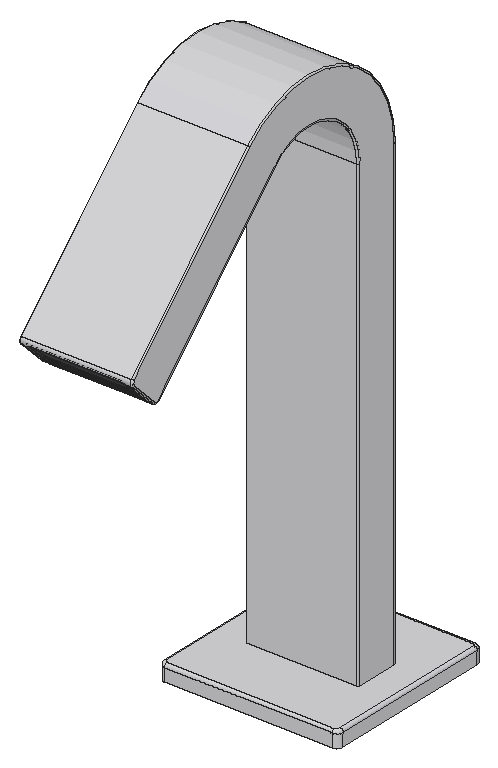
Revit family "Faucet_Touchless-Lavatory-KOHLER-Loure-K-98454T_1", category Plumbing Fixtures, host Face, Revit 2021
Family settings
  Host = Face
  Round Connector Dimension = Use Diameter
  Part Type = Normal
  OmniClass Number = 23.31.11.00
  OmniClass Title = Faucets
  Cut with Voids When Loaded = No
  Shared = No
  Room Calculation Point = No
Parameters (values of type "CP-Polished Chrome")
  Width = 2 113/256"  # constant formula
  WaterSense Certified = 1 = 0  # no
  Waste Water Outlet = "Waste Water Outlet"  # constant formula
  Waste Connection = 1 = 0  # no
  Voltage = 220 V  # constant formula
  Vent Connection = 1 = 0  # no
  URL = "http://www.kohler.com.cn/"
  Type = 3
  Spout Reach = 3 125/128"  # constant formula
  Product Page URL = ""
  Product Name = "Loure"  # constant formula
  Product Documentation Link = ""
  Pressure = 0.00 psi
  Model = if(Type = 1, "K-98454T-B-CP", if(Type = 2, "K-98454T-NW-CP", if(Type = 3, "K-98454T-CP", "NA")))  # "K-98454T-CP"
  Material = "Premium Metal Construction"  # constant formula
  Master Format 2014 Name = "Residential Faucets, Supplies, and Trim"  # constant formula
  Master Format 2014 = "22 41 39"  # constant formula
  Manufacturer Address = "Kohler Beijing Office (100016)36-2-03-B, No. 88, Liuxiang Road, Beijing"  # constant formula
  Manufacturer = "Kohler Co."  # constant formula
  Length = Spout Reach  # 3 125/128"
  Hot Water Inlet = "Hot Water Inlet"  # constant formula
  Height = 8 13/256"  # constant formula
  HW Connection = 1 = 0  # no
  Flow Rate = 0.5 GPM  # constant formula
  Finish = Kohler-Metal-CP-Polished_Chrome
  Environmental Product Declaration = ""
  Electrical Note = "One Dedicated Circuit Required"  # constant formula
  Electrical Connector = 1 = 1  # yes
  Drain Included = 1 = 1  # yes
  Description = if(or(Type = 1), "Basin Induction Faucet AC (Single Cooling Type)", if(or(Type = 2), "Deck Mount Sensor Faucet Cold 0.5 GPM", if(or(Type = 3), "Deck Mount Sensor Faucet -AC", "NA")))  # "Deck Mount Sensor Faucet -AC"
  Default Elevation = 36"
  Declare Label = ""
  Date Modified = "12/13/2022"  # constant formula
  Date Created = "11/26/2020"  # constant formula
  Copyright = "Copyright Kohler Co."  # constant formula
  Contact Us = "http://www.kohler.com.cn/contact/contact-us/"
  Cold Water Inlet = "Cold Water Inlet"  # constant formula
  CW Connection = 1 = 1  # yes
  Assembly Code = "D2010"
  Apparent Load = 0 VA
  ADA Compliant = 1 = 0  # no
Types (4): name | Type | Product Page URL | Product Documentation Link | Model | Description
  (no name) | 3 | "" | "" | "K-98454T-CP" | "Deck Mount Sensor Faucet -AC"
  With Power Box, CP-Polished Chrome | 1 | "https://www.kohler.com.cn/product/K-98454T/K-98454T-B-CP/" | "https://files.kohler.com.cn/pdfs/1623832202986_%E8%90%9D%E7%91%9E%E5%8F%B0%E7%9B%86%E6%84%9F%E5%BA%94%E9%BE%99%E5%A4%B4.pdf" | "K-98454T-B-CP" | "Basin Induction Faucet AC (Single Cooling Type)"
  Without Power Box, CP-Polished Chrome | 2 | "" | "" | "K-98454T-NW-CP" | "Deck Mount Sensor Faucet Cold 0.5 GPM"
  CP-Polished Chrome | 3 | "" | "" | "K-98454T-CP" | "Deck Mount Sensor Faucet -AC"
Reference planes (in)
  plane 1 "Center (Front/Back)": y = 0
  plane 2: z = 0
  plane 3 "Center (Left/Right)": x = 0
  plane 4: z = 5.37402
  plane 5: y = -3.97656
  plane 6: through (0, -4.19918, 5.1514) normal (0, 0.7071, -0.7071)
  plane 7: z = 8.05078
  plane 8: y = 0.31496
  plane 9: y = -0.31496
  plane 10: z = 0.21654
  plane 11: through (0, -4.19909, 5.59673) normal (0, 0.7071, -0.7071)
  plane 12: through (0, -0.85379, 8.05118) normal (0, -0.7071, 0.7071)
  plane 13: y = 1.22047
  plane 14: x = -1.22047
  plane 15: x = 1.22093
  plane 16: y = -4.19213
  plane 17: y = -1.22047
  plane 18: y = 0.70865
  plane 19: x = -0.76772
  plane 20: x = 0.76772
Dimensions and locks (in)
  "Height": level to plane 7
  "Length": plane 1 "Center (Front/Back)" to plane 5
  level to plane 4 = 5.37402"
  "Width": plane 14 to plane 15
  plane 16 to plane 13 = 5.4126"
  plane 17 to plane 13 = 2.44094"
  plane 8 to plane 9 = 0.62992"
  plane 19 to plane 20 = 1.53543"
  plane 1 "Center (Front/Back)" to plane 16 = 4.19213"
  aligned and locked: plane 2 to host face
  aligned and locked: level to host face
Automatic sketch dimensions
  host sketch curve to host sketch curve = 96"  (x2)
Nested families (in)
  nested 1: "K-98454T" at (0, 0, 0), type "K-98454T"
Connectors (in)
  piping at (0, 0, 0), diameter 0.5, driven by "Flow Rate", driven by "Pressure", driven by "CW Connection", driven by "Cold Water Inlet"
    settings: on nested 1, index 1, connector inside diameter 24", connector length 0", flow factor 0, pipe flow 0.5 GPM, pressure drop 0.00 psi, fitting loss kfactor 0, connector angle 0.00°, fixture units 0, engagement length 0", angle of deflection 0.00°, flow configuration 1, flow direction 1, fitting loss method 0, system type 20, joint type 0, gender type 0, connector reference index -1, connector utility 1, adjustable connector no, is connector primary yes, connector description "Cold Water Inlet"
  electrical at (0, 0.70865, 0), driven by "Voltage", driven by "Electrical Connector", driven by "Electrical Note"
    settings: on nested 1, index 2, voltage 220 V, apparent load 0 VA, apparent load phase1 0 VA, apparent load phase2 0 VA, apparent load phase3 0 VA, power factor 1, load classification "Power", number of poles 1, system type 30, power factor state 1, is connector primary yes, connector utility yes, sub classification motor no, connector description "One Dedicated Circuit Required"
Definition of nested family "K-98454T"
  Parameters
    Material = none
    Default Elevation = 0"
  Reference planes (in)
    plane 1 "Center (Front/Back)": y = 0
    plane 2: z = 0
    plane 3 "Center (Left/Right)": x = 0
    plane 4: y = 1.22047
    plane 5: y = -1.22047
    plane 6: x = -1.22047
    plane 7: x = 1.22047
    plane 8: z = 0.21654
    plane 9: y = 0.31496
    plane 10: y = -0.31496
    plane 11: y = -3.97638
    plane 12: z = 5.37402
    plane 13: through (0, -3.97638, 5.37402) normal (0, -0.7071, 0.7071)
    plane 14: x = -0.76772
    plane 15: z = 8.05118
    plane 16: x = 0.76772
    plane 17: y = -4.19213
    plane 18: through (0, -4.19909, 5.59673) normal (0, -0.7071, 0.7071)
    plane 19: through (0, -3.75367, 5.1513) normal (0, -0.7071, 0.7071)
    plane 20 "A": through (0, -3.16961, 5.722) normal (0, 0.7071, 0.7071)
    plane 21: y = 0.70865
  Forms (in)
    Sweep 1, solid, material <- "Material", detail levels medium+fine
      path origin (0, 0, 0) x (1, 0, 0) y (0, 1, 0)
        loop
          arc (-1.14173, 1.22047) -> (-1.19741, 1.19741) -> (-1.22047, 1.14173) r 0.07874
          line (-1.22047, 1.14173) -> (-1.22047, -1.14173)
          arc (-1.22047, -1.14173) -> (-1.19741, -1.19741) -> (-1.14173, -1.22047) r 0.07874
          line (-1.14173, -1.22047) -> (1.14173, -1.22047)
          arc (1.14173, -1.22047) -> (1.19741, -1.19741) -> (1.22047, -1.14173) r 0.07874
          line (1.22047, -1.14173) -> (1.22047, 1.14173)
          arc (1.22047, 1.14173) -> (1.19741, 1.19741) -> (1.14173, 1.22047) r 0.07874
          line (1.14173, 1.22047) -> (-1.14173, 1.22047)
      profile origin (0, 1.22047, 0) x (0, 1, 0) y (0, 0, 1)
        loop
          line (0, 0) -> (0, 0.17717)
          arc (0, 0.17717) -> (-0.01153, 0.205) -> (-0.03937, 0.21654) r 0.03937
          line (-0.03937, 0.21654) -> (-0.07113, 0.21654) -> (-0.07113, 0) -> (0, 0)
    Extrusion 2, solid, material <- "Material", detail levels medium+fine
      sketch origin (0, 0, 0) x (1, 0, 0) y (0, 1, 0)
        loop
          line (-1.15722, -1.15722) -> (1.15722, -1.15722) -> (1.15722, 1.15722) -> (-1.15722, 1.15722) -> (-1.15722, -1.15722)
      from 0 to 0.21654
    Sweep 3, solid, material <- "Material", detail levels medium+fine
      path origin (0, 0, 0) x (0, 1, 0) y (0, 0, 1)
        loop
          line (0.31496, 0.16328) -> (0.31496, 6.59401)
          arc (0.31496, 6.59401) -> (-0.58428, 7.93982) -> (-2.17177, 7.62405) r 1.45669
          line (-2.17177, 7.62405) -> (-4.15455, 5.64127)
          arc (-4.15455, 5.64127) -> (-4.173, 5.59673) -> (-4.15455, 5.55218) r 0.06299
          line (-4.15455, 5.55218) -> (-3.79821, 5.19585)
          arc (-3.79821, 5.19585) -> (-3.75367, 5.1774) -> (-3.70912, 5.19585) r 0.06299
          line (-3.70912, 5.19585) -> (-1.72635, 7.17862)
          arc (-1.72635, 7.17862) -> (-0.82534, 7.35785) -> (-0.31496, 6.59401) r 0.82677
          line (-0.31496, 6.59401) -> (-0.31496, 0.16328) -> (0.31496, 0.16328)
      profile origin (0, 0.31496, 3.37864) x (0, -1, 0) y (1, 0, 0)
        loop
          arc (0, -0.74803) -> (0.00577, -0.76195) -> (0.01969, -0.76772) r 0.01969
          line (0.01969, -0.76772) -> (0.05327, -0.76772) -> (0.05327, 0.76772) -> (0.02113, 0.76772)
          arc (0.02113, 0.76772) -> (0.00619, 0.76153) -> (0, 0.74659) r 0.02113
          line (0, 0.74659) -> (0, -0.74803)
    Extrusion 4, solid, material <- "Material", detail levels medium+fine
      sketch origin (0, 0, 0) x (0, 1, 0) y (0, 0, 1)
        loop
          line (-0.26957, 0.21654) -> (0.26957, 0.21654) -> (0.26957, 6.61302)
          arc (0.26957, 6.61302) -> (-0.59679, 7.90961) -> (-2.12623, 7.60539) r 1.40342
          line (-2.12623, 7.60539) -> (-4.13489, 5.59673) -> (-3.75367, 5.2155) -> (-1.77189, 7.19728)
          arc (-1.77189, 7.19728) -> (-0.81283, 7.38805) -> (-0.26957, 6.575) r 0.88004
          line (-0.26957, 6.575) -> (-0.26957, 0.21654)
      from -0.76772 to 0.76772
    Extrusion 5, void
      sketch origin (0, -3.97638, 5.37402) x (1, 0, 0) y (0, -0.707107, 0.707107)
        loop
          line (0.64961, 0.27559) -> (-0.64906, 0.27559)
          arc (-0.64906, 0.27559) -> (-0.6912, 0.25813) -> (-0.70866, 0.21598) r 0.05961
          line (-0.70866, 0.21598) -> (-0.70866, -0.19685)
          arc (-0.70866, -0.19685) -> (-0.69136, -0.23861) -> (-0.64961, -0.25591) r 0.05906
          line (-0.64961, -0.25591) -> (0.64961, -0.25591)
          arc (0.64961, -0.25591) -> (0.69136, -0.23861) -> (0.70866, -0.19685) r 0.05906
          line (0.70866, -0.19685) -> (0.70866, 0.21654)
          arc (0.70866, 0.21654) -> (0.69136, 0.25829) -> (0.64961, 0.27559) r 0.05906
      from -0.01638 to 0.52557
    Extrusion 6, void
      sketch origin (0, -3.97638, 5.37402) x (1, 0, 0) y (0, -0.707107, 0.707107)
        loop
          line (-0.5708, -0.03964) -> (0.56905, -0.03964)
          arc (0.56905, -0.03964) -> (0.61029, -0.02256) -> (0.62736, 0.01868) r 0.05831
          line (0.62736, 0.01868) -> (0.62736, 0.15858)
          arc (0.62736, 0.15858) -> (0.60955, 0.20158) -> (0.56655, 0.21939) r 0.06082
          line (0.56655, 0.21939) -> (-0.56992, 0.21939)
          arc (-0.56992, 0.21939) -> (-0.61294, 0.20157) -> (-0.63076, 0.15855) r 0.06084
          line (-0.63076, 0.15855) -> (-0.63076, 0.02032)
          arc (-0.63076, 0.02032) -> (-0.61319, -0.02208) -> (-0.5708, -0.03964) r 0.05995
      from -0.10733 to 0.39105
    Extrusion 7, void
      sketch origin (0, -3.97638, 5.37402) x (1, 0, 0) y (0, -0.707107, 0.707107)
        loop
          circle (-0.57307, -0.14943) r 0.03238
        loop
          circle (-0.49826, -0.14943) r 0.03238
        loop
          circle (-0.41868, -0.14943) r 0.03238
        loop
          circle (-0.34615, -0.14943) r 0.03238
        loop
          circle (-0.27135, -0.14943) r 0.03238
        loop
          circle (-0.19176, -0.14943) r 0.03238
        loop
          circle (-0.11539, -0.14943) r 0.03238
        loop
          circle (-0.04059, -0.14943) r 0.03238
        loop
          circle (0.039, -0.14943) r 0.03238
        loop
          circle (0.11152, -0.14943) r 0.03238
        loop
          circle (0.18633, -0.14943) r 0.03238
        loop
          circle (0.26591, -0.14943) r 0.03238
        loop
          circle (0.34639, -0.14943) r 0.03238
        loop
          circle (0.42119, -0.14943) r 0.03238
        loop
          circle (0.50078, -0.14943) r 0.03238
        loop
          circle (0.5733, -0.14943) r 0.03238
        loop
          circle (-0.604, -0.07904) r 0.03238
        loop
          circle (-0.5292, -0.07904) r 0.03238
        loop
          circle (-0.44961, -0.07904) r 0.03238
        loop
          circle (-0.37709, -0.07904) r 0.03238
        loop
          circle (-0.30229, -0.07904) r 0.03238
        loop
          circle (-0.2227, -0.07904) r 0.03238
        loop
          circle (-0.14633, -0.07904) r 0.03238
        loop
          circle (-0.07152, -0.07904) r 0.03238
        loop
          circle (0.00806, -0.07904) r 0.03238
        loop
          circle (0.08059, -0.07904) r 0.03238
        loop
          circle (0.15539, -0.07904) r 0.03238
        loop
          circle (0.23497, -0.07904) r 0.03238
        loop
          circle (0.31545, -0.07904) r 0.03238
        loop
          circle (0.39026, -0.07904) r 0.03238
        loop
          circle (0.46984, -0.07904) r 0.03238
        loop
          circle (0.54237, -0.07904) r 0.03238
        loop
          circle (0.6156, -0.07904) r 0.03238
      from -0.05804 to 0.10517
    Extrusion 8, solid, material <- "Material", detail levels medium+fine
      sketch origin (0, 0, 0) x (1, 0, 0) y (0, 1, 0)
        loop
          circle (0, 0) r 0.19685
      from 0 to 0.04161
    Extrusion 9, solid, material <- "Material", detail levels coarse
      sketch origin (0, 0, 0) x (1, 0, 0) y (0, 1, 0)
        loop
          line (-1.22047, 1.22047) -> (-1.22047, -1.22047) -> (1.22047, -1.22047) -> (1.22047, 1.22047) -> (-1.22047, 1.22047)
      from 0 to 0.21952
    Extrusion 10, solid, material <- "Material", detail levels coarse
      sketch origin (0, 0, 0) x (0, 1, 0) y (0, 0, 1)
        loop
          line (0.31496, 0.16732) -> (0.31496, 6.59401)
          arc (0.31496, 6.59401) -> (-0.58428, 7.93982) -> (-2.17177, 7.62405) r 1.45669
          line (-2.17177, 7.62405) -> (-4.19909, 5.59673) -> (-3.75367, 5.1513) -> (-1.72635, 7.17862)
          arc (-1.72635, 7.17862) -> (-0.82534, 7.35785) -> (-0.31496, 6.59401) r 0.82677
          line (-0.31496, 6.59401) -> (-0.31496, 0.16732) -> (0.31496, 0.16732)
      from -0.76772 to 0.76772
    Revolve 11, void
      sketch origin (0, 1.2762, 1.2762) x (0, 0.707107, -0.707107) y (-1, 0, 0)
        loop
          line (-6.47741, 0.47273) -> (-6.47741, 0.42805) -> (-6.34527, 0.42805) -> (-6.28867, 0.37145) -> (-6.28867, 0.47273) -> (-6.47741, 0.47273)
        axis (-6.47741, 0.47273) -> (-6.28867, 0.47273)
      angle from 0 to 360
    Revolve 12, solid, detail levels medium+fine
      sketch origin (0, 1.26774, 1.28465) x (0, 0.707107, -0.707107) y (-1, 0, 0)
        loop
          line (-6.47741, 0.47272) -> (-6.47741, 0.42805) -> (-6.32465, 0.42805) -> (-6.28413, 0.38145) -> (-6.28413, 0.47272) -> (-6.47741, 0.47272)
        axis (-6.47741, 0.47272) -> (-6.28413, 0.47272)
      angle from 0 to 360
    Revolve 13, solid, detail levels medium+fine
      sketch origin (0, 1.26774, 1.28465) x (0, 0.707107, -0.707107) y (-1, 0, 0)
        loop
          line (-6.47741, -0.47272) -> (-6.28413, -0.47272) -> (-6.28413, -0.38145) -> (-6.32465, -0.42805) -> (-6.47741, -0.42805) -> (-6.47741, -0.47272)
        axis (-6.47741, -0.47272) -> (-6.28413, -0.47272)
      angle from 0 to 360
    Revolve 14, void
      sketch origin (0, 1.2762, 1.2762) x (0, 0.707107, -0.707107) y (-1, 0, 0)
        loop
          line (-6.47741, -0.47273) -> (-6.28867, -0.47273) -> (-6.28867, -0.37145) -> (-6.34527, -0.42805) -> (-6.47741, -0.42805) -> (-6.47741, -0.47273)
        axis (-6.47741, -0.47273) -> (-6.28867, -0.47273)
      angle from 0 to 360
    Extrusion 15, solid, material <- "Material", detail levels medium+fine
      sketch origin (0, 0, 0) x (1, 0, 0) y (0, 1, 0)
        loop
          circle (0, 0.70865) r 0.11811
      from 0.04161 to 0
    Extrusion 16, solid, detail levels medium+fine
      sketch origin (0, 1.2762, 1.2762) x (0, 0.707107, -0.707107) y (-1, 0, 0)
        loop
          line (-6.63205, 0.63076) -> (-6.77028, 0.63076)
          arc (-6.77028, 0.63076) -> (-6.8133, 0.61294) -> (-6.83112, 0.56992) r 0.06084
          line (-6.83112, 0.56992) -> (-6.83112, -0.56655)
          arc (-6.83112, -0.56655) -> (-6.81331, -0.60955) -> (-6.7703, -0.62736) r 0.06082
          line (-6.7703, -0.62736) -> (-6.6304, -0.62736)
          arc (-6.6304, -0.62736) -> (-6.58917, -0.61029) -> (-6.57209, -0.56905) r 0.05831
          line (-6.57209, -0.56905) -> (-6.57209, 0.5708)
          arc (-6.57209, 0.5708) -> (-6.58965, 0.61319) -> (-6.63205, 0.63076) r 0.05995
      from -0.80015 to -0.70921
    Extrusion 17, solid, detail levels medium+fine
      sketch origin (0, 1.2762, 1.2762) x (0, 0.707107, -0.707107) y (-1, 0, 0)
        loop
          circle (-6.53269, 0.604) r 0.03238
        loop
          circle (-6.53269, 0.5292) r 0.03238
        loop
          circle (-6.53269, 0.44961) r 0.03238
        loop
          circle (-6.53269, 0.37709) r 0.03238
        loop
          circle (-6.53269, 0.30229) r 0.03238
        loop
          circle (-6.53269, 0.2227) r 0.03238
        loop
          circle (-6.53269, 0.14633) r 0.03238
        loop
          circle (-6.53269, -0.00806) r 0.03238
        loop
          circle (-6.53269, -0.08059) r 0.03238
        loop
          circle (-6.53269, -0.15539) r 0.03238
        loop
          circle (-6.53269, -0.23497) r 0.03238
        loop
          circle (-6.53269, -0.31545) r 0.03238
        loop
          circle (-6.53269, -0.39026) r 0.03238
        loop
          circle (-6.53269, -0.46984) r 0.03238
        loop
          circle (-6.53269, -0.54237) r 0.03238
        loop
          circle (-6.53269, -0.6156) r 0.03238
        loop
          circle (-6.46229, -0.5733) r 0.03238
        loop
          circle (-6.46229, -0.50078) r 0.03238
        loop
          circle (-6.46229, -0.42119) r 0.03238
        loop
          circle (-6.46229, -0.34639) r 0.03238
        loop
          circle (-6.46229, -0.26591) r 0.03238
        loop
          circle (-6.46229, -0.18633) r 0.03238
        loop
          circle (-6.46229, -0.11152) r 0.03238
        loop
          circle (-6.46229, -0.039) r 0.03238
        loop
          circle (-6.46229, 0.04059) r 0.03238
        loop
          circle (-6.46229, 0.11539) r 0.03238
        loop
          circle (-6.46229, 0.19176) r 0.03238
        loop
          circle (-6.46229, 0.27135) r 0.03238
        loop
          circle (-6.46229, 0.34615) r 0.03238
        loop
          circle (-6.46229, 0.41868) r 0.03238
        loop
          circle (-6.46229, 0.49826) r 0.03238
        loop
          circle (-6.46229, 0.57307) r 0.03238
        loop
          circle (-6.53269, 0.07152) r 0.03238
      from -0.80015 to -0.78459
  Cuts and joins
    Extrusion 5, Extrusion 6, Extrusion 7, Revolve 11, Revolve 14 cuts Sweep 3
    Extrusion 6, Extrusion 7, Revolve 11, Revolve 14 cuts Extrusion 4
    joined: Sweep 1, Extrusion 2, Sweep 3, Extrusion 4
    Revolve 14 cuts Extrusion 9
    joined: Extrusion 9, Extrusion 10
    joined: Revolve 12, Revolve 13
    joined: Extrusion 16, Extrusion 17
    joined: Extrusion 8, Extrusion 15
  Lines and regions (in)
    Masking region 1
      outline origin (0, 0, 0) x (0, 1, 0) y (0, 0, 1)
        loop
          line (0, 0) -> (1.22047, 0) -> (1.22047, 0.17717)
          arc (1.22047, 0.17717) -> (1.20894, 0.205) -> (1.1811, 0.21654) r 0.03937
          line (1.1811, 0.21654) -> (0.31496, 0.21654) -> (0.31496, 6.59401)
          arc (0.31496, 6.59401) -> (-0.58428, 7.93982) -> (-2.17177, 7.62405) r 1.45669
          line (-2.17177, 7.62405) -> (-4.18561, 5.61021)
          arc (-4.18561, 5.61021) -> (-4.19138, 5.59629) -> (-4.18561, 5.58237) r 0.01969
          line (-4.18561, 5.58237) -> (-3.76803, 5.16478)
          arc (-3.76803, 5.16478) -> (-3.75411, 5.15902) -> (-3.74019, 5.16478) r 0.01969
          line (-3.74019, 5.16478) -> (-1.72635, 7.17862)
          arc (-1.72635, 7.17862) -> (-0.82534, 7.35785) -> (-0.31496, 6.59401) r 0.82677
          line (-0.31496, 6.59401) -> (-0.31496, 0.21654) -> (-1.1811, 0.21654)
          arc (-1.1811, 0.21654) -> (-1.20894, 0.205) -> (-1.22047, 0.17717) r 0.03937
          line (-1.22047, 0.17717) -> (-1.22047, 0) -> (0, 0)
    Masking region 2
      outline origin (0, 0, 0) x (1, 0, 0) y (0, 1, 0)
        loop
          line (0, 1.22047) -> (-1.1811, 1.22047)
          arc (-1.1811, 1.22047) -> (-1.20894, 1.20894) -> (-1.22047, 1.1811) r 0.03937
          line (-1.22047, 1.1811) -> (-1.22047, -1.1811)
          arc (-1.22047, -1.1811) -> (-1.20894, -1.20894) -> (-1.1811, -1.22047) r 0.03937
          line (-1.1811, -1.22047) -> (-0.76772, -1.22047) -> (-0.76772, -4.17244)
          arc (-0.76772, -4.17244) -> (-0.76195, -4.18636) -> (-0.74803, -4.19213) r 0.01969
          line (-0.74803, -4.19213) -> (0, -4.19213) -> (0.74803, -4.19213)
          arc (0.74803, -4.19213) -> (0.76195, -4.18636) -> (0.76772, -4.17244) r 0.01969
          line (0.76772, -4.17244) -> (0.76772, -1.22047) -> (1.1811, -1.22047)
          arc (1.1811, -1.22047) -> (1.20894, -1.20894) -> (1.22047, -1.1811) r 0.03937
          line (1.22047, -1.1811) -> (1.22047, 1.1811)
          arc (1.22047, 1.1811) -> (1.20894, 1.20894) -> (1.1811, 1.22047) r 0.03937
          line (1.1811, 1.22047) -> (0, 1.22047)
    Masking region 3
      outline origin (0, 0, 0) x (1, 0, 0) y (0, 0, 1)
        loop
          line (0, 0) -> (1.22047, 0) -> (1.22047, 0.17713)
          arc (1.22047, 0.17713) -> (1.20893, 0.20499) -> (1.18107, 0.21654) r 0.0394
          line (1.18107, 0.21654) -> (0.76772, 0.21654) -> (0.76772, 8.03005)
          arc (0.76772, 8.03005) -> (0.76153, 8.04499) -> (0.74658, 8.05118) r 0.02113
          line (0.74658, 8.05118) -> (0, 8.05118) -> (-0.74658, 8.05118)
          arc (-0.74658, 8.05118) -> (-0.76153, 8.04499) -> (-0.76772, 8.03005) r 0.02113
          line (-0.76772, 8.03005) -> (-0.76772, 0.21654) -> (-1.18107, 0.21654)
          arc (-1.18107, 0.21654) -> (-1.20893, 0.20499) -> (-1.22047, 0.17713) r 0.0394
          line (-1.22047, 0.17713) -> (-1.22047, 0) -> (0, 0)
    symbolic lines, detail levels medium+fine
      curve 1: line (0, 0.32443, 0.21654) -> (0, -0.31496, 0.21654)
      curve 2: line (0, 1.22047, 0.17717) -> (0, -1.22047, 0.17717)
      curve 3: line (0, 1.1688, 0.21654) -> (0, 1.1688, 0)
      curve 4: line (0, -1.1688, 0.21654) -> (0, -1.1688, 0)
      curve 5: line (0, -4.18517, 5.61065) -> (0, -3.73975, 5.16522)
      curve 6: line (0, -4.18517, 5.58281) -> (0, -2.15244, 7.61554)
      curve 7: line (0, 0.29528, 6.60166) -> (0, 0.29528, 0.21654)
      curve 8: arc (0, -2.15244, 7.61554) -> (0, -0.58986, 7.92636) -> (0, 0.29528, 6.60166) r 1.43384
      curve 9: line (0, -0.29528, 6.58413) -> (0, -0.29528, 0.21654)
      curve 10: line (0, -3.76759, 5.16522) -> (0, -1.74725, 7.18556)
      curve 11: arc (0, -1.74725, 7.18556) -> (0, -0.82033, 7.36994) -> (0, -0.29528, 6.58413) r 0.85055
      curve 12: line (-1.22047, 1.1811, 0) -> (1.22047, 1.1811, 0)
      curve 13: line (-1.1811, 1.22047, 0) -> (-1.1811, -1.22047, 0)
      curve 14: line (1.1811, -1.22047, 0) -> (1.1811, 1.22047, 0)
      curve 15: line (-0.76772, -1.2394, 0) -> (-0.76772, 0.29528, 0)
      curve 16: line (-0.74803, 0.31496, 0) -> (0.76772, 0.31496, 0)
      curve 17: line (0.76772, 0.31496, 0) -> (0.76772, -1.27591, 0)
      curve 18: line (-0.76772, -0.31496, 0) -> (0.76772, -0.31496, 0)
      curve 19: line (-0.76772, -1.72577, 0) -> (0.76772, -1.72577, 0)
      curve 20: line (0.76772, -1.1811, 0) -> (1.22047, -1.1811, 0)
      curve 21: line (-0.74188, -4.19213, 0) -> (-0.74188, 0.31496, 0)
      curve 22: arc (-0.76772, 0.29528, 0) -> (-0.76195, 0.3092, 0) -> (-0.74803, 0.31496, 0) r 0.01969
      curve 23: line (0.74188, -4.19213, 0) -> (0.74188, 0.31496, 0)
      curve 24: line (-0.76772, -1.1811, 0) -> (-1.22047, -1.1811, 0)
      curve 25: line (-0.76772, 0, 0.21654) -> (0.76772, 0, 0.21654)
      curve 26: line (-1.22047, 0, 0.17713) -> (1.22047, 0, 0.17713)
      curve 27: line (-1.18107, 0, 0.21654) -> (-1.18107, 0, 0)
      curve 28: line (1.18107, 0, 0.21654) -> (1.18107, 0, 0)
      curve 29: line (-0.76772, 0, 7.62463) -> (0.76772, 0, 7.62463)
      curve 30: line (-0.58349, 0, 5.54073) -> (0.5743, 0, 5.54073)
      curve 31: line (-0.63076, 0, 5.49347) -> (-0.63076, 0, 5.40774)
      curve 32: line (0.57108, 0, 5.35757) -> (-0.58059, 0, 5.35757)
      curve 33: line (0.62736, 0, 5.41386) -> (0.62736, 0, 5.48767)
      curve 34: spline (-0.604, 0, 5.29451) -> (-0.61238, 0, 5.29529) -> (-0.62019, 0, 5.29758) -> (-0.6269, 0, 5.30122) -> (-0.63205, 0, 5.30596) -> (-0.63528, 0, 5.31148) -> (-0.63639, 0, 5.31741) -> (-0.63528, 0, 5.32333) -> (-0.63205, 0, 5.32886) -> (-0.6269, 0, 5.3336) -> (-0.62019, 0, 5.33724) -> (-0.61238, 0, 5.33953) -> (-0.604, 0, 5.34031)
      curve 35: spline (-0.604, 0, 5.34031) -> (-0.59562, 0, 5.33953) -> (-0.58781, 0, 5.33724) -> (-0.5811, 0, 5.3336) -> (-0.57596, 0, 5.32886) -> (-0.57272, 0, 5.32333) -> (-0.57162, 0, 5.31741) -> (-0.57272, 0, 5.31148) -> (-0.57596, 0, 5.30596) -> (-0.5811, 0, 5.30122) -> (-0.58781, 0, 5.29758) -> (-0.59562, 0, 5.29529) -> (-0.604, 0, 5.29451)
      curve 36: spline (-0.5292, 0, 5.29451) -> (-0.53758, 0, 5.29529) -> (-0.54539, 0, 5.29758) -> (-0.5521, 0, 5.30122) -> (-0.55724, 0, 5.30596) -> (-0.56048, 0, 5.31148) -> (-0.56158, 0, 5.31741) -> (-0.56048, 0, 5.32333) -> (-0.55724, 0, 5.32886) -> (-0.5521, 0, 5.3336) -> (-0.54539, 0, 5.33724) -> (-0.53758, 0, 5.33953) -> (-0.5292, 0, 5.34031)
      curve 37: spline (-0.5292, 0, 5.34031) -> (-0.52082, 0, 5.33953) -> (-0.51301, 0, 5.33724) -> (-0.5063, 0, 5.3336) -> (-0.50115, 0, 5.32886) -> (-0.49792, 0, 5.32333) -> (-0.49682, 0, 5.31741) -> (-0.49792, 0, 5.31148) -> (-0.50115, 0, 5.30596) -> (-0.5063, 0, 5.30122) -> (-0.51301, 0, 5.29758) -> (-0.52082, 0, 5.29529) -> (-0.5292, 0, 5.29451)
      curve 38: spline (-0.44961, 0, 5.29451) -> (-0.458, 0, 5.29529) -> (-0.46581, 0, 5.29758) -> (-0.47251, 0, 5.30122) -> (-0.47766, 0, 5.30596) -> (-0.48089, 0, 5.31148) -> (-0.482, 0, 5.31741) -> (-0.48089, 0, 5.32333) -> (-0.47766, 0, 5.32886) -> (-0.47251, 0, 5.3336) -> (-0.46581, 0, 5.33724) -> (-0.458, 0, 5.33953) -> (-0.44961, 0, 5.34031)
      curve 39: spline (-0.44961, 0, 5.34031) -> (-0.44123, 0, 5.33953) -> (-0.43342, 0, 5.33724) -> (-0.42672, 0, 5.3336) -> (-0.42157, 0, 5.32886) -> (-0.41833, 0, 5.32333) -> (-0.41723, 0, 5.31741) -> (-0.41833, 0, 5.31148) -> (-0.42157, 0, 5.30596) -> (-0.42672, 0, 5.30122) -> (-0.43342, 0, 5.29758) -> (-0.44123, 0, 5.29529) -> (-0.44961, 0, 5.29451)
      curve 40: spline (-0.37709, 0, 5.29451) -> (-0.38547, 0, 5.29529) -> (-0.39328, 0, 5.29758) -> (-0.39999, 0, 5.30122) -> (-0.40513, 0, 5.30596) -> (-0.40837, 0, 5.31148) -> (-0.40947, 0, 5.31741) -> (-0.40837, 0, 5.32333) -> (-0.40513, 0, 5.32886) -> (-0.39999, 0, 5.3336) -> (-0.39328, 0, 5.33724) -> (-0.38547, 0, 5.33953) -> (-0.37709, 0, 5.34031)
      curve 41: spline (-0.37709, 0, 5.34031) -> (-0.36871, 0, 5.33953) -> (-0.3609, 0, 5.33724) -> (-0.35419, 0, 5.3336) -> (-0.34904, 0, 5.32886) -> (-0.34581, 0, 5.32333) -> (-0.3447, 0, 5.31741) -> (-0.34581, 0, 5.31148) -> (-0.34904, 0, 5.30596) -> (-0.35419, 0, 5.30122) -> (-0.3609, 0, 5.29758) -> (-0.36871, 0, 5.29529) -> (-0.37709, 0, 5.29451)
      curve 42: spline (-0.30229, 0, 5.29451) -> (-0.31067, 0, 5.29529) -> (-0.31848, 0, 5.29758) -> (-0.32518, 0, 5.30122) -> (-0.33033, 0, 5.30596) -> (-0.33357, 0, 5.31148) -> (-0.33467, 0, 5.31741) -> (-0.33357, 0, 5.32333) -> (-0.33033, 0, 5.32886) -> (-0.32518, 0, 5.3336) -> (-0.31848, 0, 5.33724) -> (-0.31067, 0, 5.33953) -> (-0.30229, 0, 5.34031)
      curve 43: spline (-0.30229, 0, 5.34031) -> (-0.2939, 0, 5.33953) -> (-0.28609, 0, 5.33724) -> (-0.27939, 0, 5.3336) -> (-0.27424, 0, 5.32886) -> (-0.27101, 0, 5.32333) -> (-0.2699, 0, 5.31741) -> (-0.27101, 0, 5.31148) -> (-0.27424, 0, 5.30596) -> (-0.27939, 0, 5.30122) -> (-0.28609, 0, 5.29758) -> (-0.2939, 0, 5.29529) -> (-0.30229, 0, 5.29451)
      curve 44: spline (-0.2227, 0, 5.29451) -> (-0.23108, 0, 5.29529) -> (-0.23889, 0, 5.29758) -> (-0.2456, 0, 5.30122) -> (-0.25075, 0, 5.30596) -> (-0.25398, 0, 5.31148) -> (-0.25508, 0, 5.31741) -> (-0.25398, 0, 5.32333) -> (-0.25075, 0, 5.32886) -> (-0.2456, 0, 5.3336) -> (-0.23889, 0, 5.33724) -> (-0.23108, 0, 5.33953) -> (-0.2227, 0, 5.34031)
      curve 45: spline (-0.2227, 0, 5.34031) -> (-0.21432, 0, 5.33953) -> (-0.20651, 0, 5.33724) -> (-0.1998, 0, 5.3336) -> (-0.19466, 0, 5.32886) -> (-0.19142, 0, 5.32333) -> (-0.19032, 0, 5.31741) -> (-0.19142, 0, 5.31148) -> (-0.19466, 0, 5.30596) -> (-0.1998, 0, 5.30122) -> (-0.20651, 0, 5.29758) -> (-0.21432, 0, 5.29529) -> (-0.2227, 0, 5.29451)
      curve 46: spline (-0.14633, 0, 5.29451) -> (-0.15471, 0, 5.29529) -> (-0.16252, 0, 5.29758) -> (-0.16923, 0, 5.30122) -> (-0.17437, 0, 5.30596) -> (-0.17761, 0, 5.31148) -> (-0.17871, 0, 5.31741) -> (-0.17761, 0, 5.32333) -> (-0.17437, 0, 5.32886) -> (-0.16923, 0, 5.3336) -> (-0.16252, 0, 5.33724) -> (-0.15471, 0, 5.33953) -> (-0.14633, 0, 5.34031)
      curve 47: spline (-0.14633, 0, 5.34031) -> (-0.13795, 0, 5.33953) -> (-0.13014, 0, 5.33724) -> (-0.12343, 0, 5.3336) -> (-0.11828, 0, 5.32886) -> (-0.11505, 0, 5.32333) -> (-0.11394, 0, 5.31741) -> (-0.11505, 0, 5.31148) -> (-0.11828, 0, 5.30596) -> (-0.12343, 0, 5.30122) -> (-0.13014, 0, 5.29758) -> (-0.13795, 0, 5.29529) -> (-0.14633, 0, 5.29451)
      curve 48: spline (-0.07152, 0, 5.29451) -> (-0.07991, 0, 5.29529) -> (-0.08772, 0, 5.29758) -> (-0.09442, 0, 5.30122) -> (-0.09957, 0, 5.30596) -> (-0.1028, 0, 5.31148) -> (-0.10391, 0, 5.31741) -> (-0.1028, 0, 5.32333) -> (-0.09957, 0, 5.32886) -> (-0.09442, 0, 5.3336) -> (-0.08772, 0, 5.33724) -> (-0.07991, 0, 5.33953) -> (-0.07152, 0, 5.34031)
      curve 49: spline (-0.07152, 0, 5.34031) -> (-0.06314, 0, 5.33953) -> (-0.05533, 0, 5.33724) -> (-0.04863, 0, 5.3336) -> (-0.04348, 0, 5.32886) -> (-0.04024, 0, 5.32333) -> (-0.03914, 0, 5.31741) -> (-0.04024, 0, 5.31148) -> (-0.04348, 0, 5.30596) -> (-0.04863, 0, 5.30122) -> (-0.05533, 0, 5.29758) -> (-0.06314, 0, 5.29529) -> (-0.07152, 0, 5.29451)
      curve 50: spline (0.00806, 0, 5.29451) -> (-0.00032, 0, 5.29529) -> (-0.00813, 0, 5.29758) -> (-0.01484, 0, 5.30122) -> (-0.01998, 0, 5.30596) -> (-0.02322, 0, 5.31148) -> (-0.02432, 0, 5.31741) -> (-0.02322, 0, 5.32333) -> (-0.01998, 0, 5.32886) -> (-0.01484, 0, 5.3336) -> (-0.00813, 0, 5.33724) -> (-0.00032, 0, 5.33953) -> (0.00806, 0, 5.34031)
      curve 51: spline (0.00806, 0, 5.34031) -> (0.01644, 0, 5.33953) -> (0.02425, 0, 5.33724) -> (0.03096, 0, 5.3336) -> (0.03611, 0, 5.32886) -> (0.03934, 0, 5.32333) -> (0.04044, 0, 5.31741) -> (0.03934, 0, 5.31148) -> (0.03611, 0, 5.30596) -> (0.03096, 0, 5.30122) -> (0.02425, 0, 5.29758) -> (0.01644, 0, 5.29529) -> (0.00806, 0, 5.29451)
      curve 52: spline (0.08059, 0, 5.29451) -> (0.07221, 0, 5.29529) -> (0.0644, 0, 5.29758) -> (0.05769, 0, 5.30122) -> (0.05254, 0, 5.30596) -> (0.04931, 0, 5.31148) -> (0.0482, 0, 5.31741) -> (0.04931, 0, 5.32333) -> (0.05254, 0, 5.32886) -> (0.05769, 0, 5.3336) -> (0.0644, 0, 5.33724) -> (0.07221, 0, 5.33953) -> (0.08059, 0, 5.34031)
      curve 53: spline (0.08059, 0, 5.34031) -> (0.08897, 0, 5.33953) -> (0.09678, 0, 5.33724) -> (0.10349, 0, 5.3336) -> (0.10863, 0, 5.32886) -> (0.11187, 0, 5.32333) -> (0.11297, 0, 5.31741) -> (0.11187, 0, 5.31148) -> (0.10863, 0, 5.30596) -> (0.10349, 0, 5.30122) -> (0.09678, 0, 5.29758) -> (0.08897, 0, 5.29529) -> (0.08059, 0, 5.29451)
      curve 54: spline (0.15539, 0, 5.29451) -> (0.14701, 0, 5.29529) -> (0.1392, 0, 5.29758) -> (0.13249, 0, 5.30122) -> (0.12735, 0, 5.30596) -> (0.12411, 0, 5.31148) -> (0.12301, 0, 5.31741) -> (0.12411, 0, 5.32333) -> (0.12735, 0, 5.32886) -> (0.13249, 0, 5.3336) -> (0.1392, 0, 5.33724) -> (0.14701, 0, 5.33953) -> (0.15539, 0, 5.34031)
      curve 55: spline (0.15539, 0, 5.34031) -> (0.16377, 0, 5.33953) -> (0.17158, 0, 5.33724) -> (0.17829, 0, 5.3336) -> (0.18344, 0, 5.32886) -> (0.18667, 0, 5.32333) -> (0.18777, 0, 5.31741) -> (0.18667, 0, 5.31148) -> (0.18344, 0, 5.30596) -> (0.17829, 0, 5.30122) -> (0.17158, 0, 5.29758) -> (0.16377, 0, 5.29529) -> (0.15539, 0, 5.29451)
      curve 56: spline (0.23497, 0, 5.29451) -> (0.22659, 0, 5.29529) -> (0.21878, 0, 5.29758) -> (0.21208, 0, 5.30122) -> (0.20693, 0, 5.30596) -> (0.20369, 0, 5.31148) -> (0.20259, 0, 5.31741) -> (0.20369, 0, 5.32333) -> (0.20693, 0, 5.32886) -> (0.21208, 0, 5.3336) -> (0.21878, 0, 5.33724) -> (0.22659, 0, 5.33953) -> (0.23497, 0, 5.34031)
      curve 57: spline (0.23497, 0, 5.34031) -> (0.24336, 0, 5.33953) -> (0.25117, 0, 5.33724) -> (0.25787, 0, 5.3336) -> (0.26302, 0, 5.32886) -> (0.26625, 0, 5.32333) -> (0.26736, 0, 5.31741) -> (0.26625, 0, 5.31148) -> (0.26302, 0, 5.30596) -> (0.25787, 0, 5.30122) -> (0.25117, 0, 5.29758) -> (0.24336, 0, 5.29529) -> (0.23497, 0, 5.29451)
      curve 58: spline (0.31545, 0, 5.29451) -> (0.30707, 0, 5.29529) -> (0.29926, 0, 5.29758) -> (0.29255, 0, 5.30122) -> (0.28741, 0, 5.30596) -> (0.28417, 0, 5.31148) -> (0.28307, 0, 5.31741) -> (0.28417, 0, 5.32333) -> (0.28741, 0, 5.32886) -> (0.29255, 0, 5.3336) -> (0.29926, 0, 5.33724) -> (0.30707, 0, 5.33953) -> (0.31545, 0, 5.34031)
      curve 59: spline (0.31545, 0, 5.34031) -> (0.32383, 0, 5.33953) -> (0.33164, 0, 5.33724) -> (0.33835, 0, 5.3336) -> (0.3435, 0, 5.32886) -> (0.34673, 0, 5.32333) -> (0.34784, 0, 5.31741) -> (0.34673, 0, 5.31148) -> (0.3435, 0, 5.30596) -> (0.33835, 0, 5.30122) -> (0.33164, 0, 5.29758) -> (0.32383, 0, 5.29529) -> (0.31545, 0, 5.29451)
      curve 60: spline (0.39026, 0, 5.29451) -> (0.38187, 0, 5.29529) -> (0.37406, 0, 5.29758) -> (0.36736, 0, 5.30122) -> (0.36221, 0, 5.30596) -> (0.35897, 0, 5.31148) -> (0.35787, 0, 5.31741) -> (0.35897, 0, 5.32333) -> (0.36221, 0, 5.32886) -> (0.36736, 0, 5.3336) -> (0.37406, 0, 5.33724) -> (0.38187, 0, 5.33953) -> (0.39026, 0, 5.34031)
      curve 61: spline (0.39026, 0, 5.34031) -> (0.39864, 0, 5.33953) -> (0.40645, 0, 5.33724) -> (0.41315, 0, 5.3336) -> (0.4183, 0, 5.32886) -> (0.42154, 0, 5.32333) -> (0.42264, 0, 5.31741) -> (0.42154, 0, 5.31148) -> (0.4183, 0, 5.30596) -> (0.41315, 0, 5.30122) -> (0.40645, 0, 5.29758) -> (0.39864, 0, 5.29529) -> (0.39026, 0, 5.29451)
      curve 62: spline (0.46984, 0, 5.29451) -> (0.46146, 0, 5.29529) -> (0.45365, 0, 5.29758) -> (0.44694, 0, 5.30122) -> (0.44179, 0, 5.30596) -> (0.43856, 0, 5.31148) -> (0.43746, 0, 5.31741) -> (0.43856, 0, 5.32333) -> (0.44179, 0, 5.32886) -> (0.44694, 0, 5.3336) -> (0.45365, 0, 5.33724) -> (0.46146, 0, 5.33953) -> (0.46984, 0, 5.34031)
      curve 63: spline (0.46984, 0, 5.34031) -> (0.47822, 0, 5.33953) -> (0.48603, 0, 5.33724) -> (0.49274, 0, 5.3336) -> (0.49788, 0, 5.32886) -> (0.50112, 0, 5.32333) -> (0.50222, 0, 5.31741) -> (0.50112, 0, 5.31148) -> (0.49788, 0, 5.30596) -> (0.49274, 0, 5.30122) -> (0.48603, 0, 5.29758) -> (0.47822, 0, 5.29529) -> (0.46984, 0, 5.29451)
      curve 64: spline (0.54237, 0, 5.29451) -> (0.53398, 0, 5.29529) -> (0.52617, 0, 5.29758) -> (0.51947, 0, 5.30122) -> (0.51432, 0, 5.30596) -> (0.51109, 0, 5.31148) -> (0.50998, 0, 5.31741) -> (0.51109, 0, 5.32333) -> (0.51432, 0, 5.32886) -> (0.51947, 0, 5.3336) -> (0.52617, 0, 5.33724) -> (0.53398, 0, 5.33953) -> (0.54237, 0, 5.34031)
      curve 65: spline (0.54237, 0, 5.34031) -> (0.55075, 0, 5.33953) -> (0.55856, 0, 5.33724) -> (0.56527, 0, 5.3336) -> (0.57041, 0, 5.32886) -> (0.57365, 0, 5.32333) -> (0.57475, 0, 5.31741) -> (0.57365, 0, 5.31148) -> (0.57041, 0, 5.30596) -> (0.56527, 0, 5.30122) -> (0.55856, 0, 5.29758) -> (0.55075, 0, 5.29529) -> (0.54237, 0, 5.29451)
      curve 66: spline (0.6156, 0, 5.29451) -> (0.60721, 0, 5.29529) -> (0.5994, 0, 5.29758) -> (0.5927, 0, 5.30122) -> (0.58755, 0, 5.30596) -> (0.58432, 0, 5.31148) -> (0.58321, 0, 5.31741) -> (0.58432, 0, 5.32333) -> (0.58755, 0, 5.32886) -> (0.5927, 0, 5.3336) -> (0.5994, 0, 5.33724) -> (0.60721, 0, 5.33953) -> (0.6156, 0, 5.34031)
      curve 67: spline (0.6156, 0, 5.34031) -> (0.62398, 0, 5.33953) -> (0.63179, 0, 5.33724) -> (0.63849, 0, 5.3336) -> (0.64364, 0, 5.32886) -> (0.64688, 0, 5.32333) -> (0.64798, 0, 5.31741) -> (0.64688, 0, 5.31148) -> (0.64364, 0, 5.30596) -> (0.63849, 0, 5.30122) -> (0.63179, 0, 5.29758) -> (0.62398, 0, 5.29529) -> (0.6156, 0, 5.29451)
      curve 68: spline (0.5733, 0, 5.24473) -> (0.56492, 0, 5.24551) -> (0.55711, 0, 5.2478) -> (0.5504, 0, 5.25144) -> (0.54526, 0, 5.25618) -> (0.54202, 0, 5.2617) -> (0.54092, 0, 5.26763) -> (0.54202, 0, 5.27356) -> (0.54526, 0, 5.27908) -> (0.5504, 0, 5.28382) -> (0.55711, 0, 5.28746) -> (0.56492, 0, 5.28975) -> (0.5733, 0, 5.29053)
      curve 69: spline (0.5733, 0, 5.29053) -> (0.58168, 0, 5.28975) -> (0.58949, 0, 5.28746) -> (0.5962, 0, 5.28382) -> (0.60135, 0, 5.27908) -> (0.60458, 0, 5.27356) -> (0.60569, 0, 5.26763) -> (0.60458, 0, 5.2617) -> (0.60135, 0, 5.25618) -> (0.5962, 0, 5.25144) -> (0.58949, 0, 5.2478) -> (0.58168, 0, 5.24551) -> (0.5733, 0, 5.24473)
      curve 70: spline (0.50078, 0, 5.24473) -> (0.4924, 0, 5.24551) -> (0.48458, 0, 5.2478) -> (0.47788, 0, 5.25144) -> (0.47273, 0, 5.25618) -> (0.4695, 0, 5.2617) -> (0.46839, 0, 5.26763) -> (0.4695, 0, 5.27356) -> (0.47273, 0, 5.27908) -> (0.47788, 0, 5.28382) -> (0.48458, 0, 5.28746) -> (0.4924, 0, 5.28975) -> (0.50078, 0, 5.29053)
      curve 71: spline (0.50078, 0, 5.29053) -> (0.50916, 0, 5.28975) -> (0.51697, 0, 5.28746) -> (0.52368, 0, 5.28382) -> (0.52882, 0, 5.27908) -> (0.53206, 0, 5.27356) -> (0.53316, 0, 5.26763) -> (0.53206, 0, 5.2617) -> (0.52882, 0, 5.25618) -> (0.52368, 0, 5.25144) -> (0.51697, 0, 5.2478) -> (0.50916, 0, 5.24551) -> (0.50078, 0, 5.24473)
      curve 72: spline (0.42119, 0, 5.24473) -> (0.41281, 0, 5.24551) -> (0.405, 0, 5.2478) -> (0.39829, 0, 5.25144) -> (0.39315, 0, 5.25618) -> (0.38991, 0, 5.2617) -> (0.38881, 0, 5.26763) -> (0.38991, 0, 5.27356) -> (0.39315, 0, 5.27908) -> (0.39829, 0, 5.28382) -> (0.405, 0, 5.28746) -> (0.41281, 0, 5.28975) -> (0.42119, 0, 5.29053)
      curve 73: spline (0.42119, 0, 5.29053) -> (0.42957, 0, 5.28975) -> (0.43738, 0, 5.28746) -> (0.44409, 0, 5.28382) -> (0.44924, 0, 5.27908) -> (0.45247, 0, 5.27356) -> (0.45358, 0, 5.26763) -> (0.45247, 0, 5.2617) -> (0.44924, 0, 5.25618) -> (0.44409, 0, 5.25144) -> (0.43738, 0, 5.2478) -> (0.42957, 0, 5.24551) -> (0.42119, 0, 5.24473)
      curve 74: spline (0.34639, 0, 5.24473) -> (0.33801, 0, 5.24551) -> (0.3302, 0, 5.2478) -> (0.32349, 0, 5.25144) -> (0.31834, 0, 5.25618) -> (0.31511, 0, 5.2617) -> (0.31401, 0, 5.26763) -> (0.31511, 0, 5.27356) -> (0.31834, 0, 5.27908) -> (0.32349, 0, 5.28382) -> (0.3302, 0, 5.28746) -> (0.33801, 0, 5.28975) -> (0.34639, 0, 5.29053)
      curve 75: spline (0.34639, 0, 5.29053) -> (0.35477, 0, 5.28975) -> (0.36258, 0, 5.28746) -> (0.36929, 0, 5.28382) -> (0.37443, 0, 5.27908) -> (0.37767, 0, 5.27356) -> (0.37877, 0, 5.26763) -> (0.37767, 0, 5.2617) -> (0.37443, 0, 5.25618) -> (0.36929, 0, 5.25144) -> (0.36258, 0, 5.2478) -> (0.35477, 0, 5.24551) -> (0.34639, 0, 5.24473)
      curve 76: spline (0.26591, 0, 5.24473) -> (0.25753, 0, 5.24551) -> (0.24972, 0, 5.2478) -> (0.24301, 0, 5.25144) -> (0.23787, 0, 5.25618) -> (0.23463, 0, 5.2617) -> (0.23353, 0, 5.26763) -> (0.23463, 0, 5.27356) -> (0.23787, 0, 5.27908) -> (0.24301, 0, 5.28382) -> (0.24972, 0, 5.28746) -> (0.25753, 0, 5.28975) -> (0.26591, 0, 5.29053)
      curve 77: spline (0.26591, 0, 5.29053) -> (0.27429, 0, 5.28975) -> (0.2821, 0, 5.28746) -> (0.28881, 0, 5.28382) -> (0.29396, 0, 5.27908) -> (0.29719, 0, 5.27356) -> (0.2983, 0, 5.26763) -> (0.29719, 0, 5.2617) -> (0.29396, 0, 5.25618) -> (0.28881, 0, 5.25144) -> (0.2821, 0, 5.2478) -> (0.27429, 0, 5.24551) -> (0.26591, 0, 5.24473)
      curve 78: spline (0.18633, 0, 5.24473) -> (0.17795, 0, 5.24551) -> (0.17014, 0, 5.2478) -> (0.16343, 0, 5.25144) -> (0.15828, 0, 5.25618) -> (0.15505, 0, 5.2617) -> (0.15394, 0, 5.26763) -> (0.15505, 0, 5.27356) -> (0.15828, 0, 5.27908) -> (0.16343, 0, 5.28382) -> (0.17014, 0, 5.28746) -> (0.17795, 0, 5.28975) -> (0.18633, 0, 5.29053)
      curve 79: spline (0.18633, 0, 5.29053) -> (0.19471, 0, 5.28975) -> (0.20252, 0, 5.28746) -> (0.20923, 0, 5.28382) -> (0.21437, 0, 5.27908) -> (0.21761, 0, 5.27356) -> (0.21871, 0, 5.26763) -> (0.21761, 0, 5.2617) -> (0.21437, 0, 5.25618) -> (0.20923, 0, 5.25144) -> (0.20252, 0, 5.2478) -> (0.19471, 0, 5.24551) -> (0.18633, 0, 5.24473)
      curve 80: spline (0.11152, 0, 5.24473) -> (0.10314, 0, 5.24551) -> (0.09533, 0, 5.2478) -> (0.08863, 0, 5.25144) -> (0.08348, 0, 5.25618) -> (0.08024, 0, 5.2617) -> (0.07914, 0, 5.26763) -> (0.08024, 0, 5.27356) -> (0.08348, 0, 5.27908) -> (0.08863, 0, 5.28382) -> (0.09533, 0, 5.28746) -> (0.10314, 0, 5.28975) -> (0.11152, 0, 5.29053)
      curve 81: spline (0.11152, 0, 5.29053) -> (0.11991, 0, 5.28975) -> (0.12772, 0, 5.28746) -> (0.13442, 0, 5.28382) -> (0.13957, 0, 5.27908) -> (0.1428, 0, 5.27356) -> (0.14391, 0, 5.26763) -> (0.1428, 0, 5.2617) -> (0.13957, 0, 5.25618) -> (0.13442, 0, 5.25144) -> (0.12772, 0, 5.2478) -> (0.11991, 0, 5.24551) -> (0.11152, 0, 5.24473)
      curve 82: spline (0.039, 0, 5.24473) -> (0.03062, 0, 5.24551) -> (0.02281, 0, 5.2478) -> (0.0161, 0, 5.25144) -> (0.01095, 0, 5.25618) -> (0.00772, 0, 5.2617) -> (0.00661, 0, 5.26763) -> (0.00772, 0, 5.27356) -> (0.01095, 0, 5.27908) -> (0.0161, 0, 5.28382) -> (0.02281, 0, 5.28746) -> (0.03062, 0, 5.28975) -> (0.039, 0, 5.29053)
      curve 83: spline (0.039, 0, 5.29053) -> (0.04738, 0, 5.28975) -> (0.05519, 0, 5.28746) -> (0.0619, 0, 5.28382) -> (0.06704, 0, 5.27908) -> (0.07028, 0, 5.27356) -> (0.07138, 0, 5.26763) -> (0.07028, 0, 5.2617) -> (0.06704, 0, 5.25618) -> (0.0619, 0, 5.25144) -> (0.05519, 0, 5.2478) -> (0.04738, 0, 5.24551) -> (0.039, 0, 5.24473)
      curve 84: spline (-0.04059, 0, 5.24473) -> (-0.04897, 0, 5.24551) -> (-0.05678, 0, 5.2478) -> (-0.06349, 0, 5.25144) -> (-0.06863, 0, 5.25618) -> (-0.07187, 0, 5.2617) -> (-0.07297, 0, 5.26763) -> (-0.07187, 0, 5.27356) -> (-0.06863, 0, 5.27908) -> (-0.06349, 0, 5.28382) -> (-0.05678, 0, 5.28746) -> (-0.04897, 0, 5.28975) -> (-0.04059, 0, 5.29053)
      curve 85: spline (-0.04059, 0, 5.29053) -> (-0.03221, 0, 5.28975) -> (-0.0244, 0, 5.28746) -> (-0.01769, 0, 5.28382) -> (-0.01254, 0, 5.27908) -> (-0.00931, 0, 5.27356) -> (-0.0082, 0, 5.26763) -> (-0.00931, 0, 5.2617) -> (-0.01254, 0, 5.25618) -> (-0.01769, 0, 5.25144) -> (-0.0244, 0, 5.2478) -> (-0.03221, 0, 5.24551) -> (-0.04059, 0, 5.24473)
      curve 86: spline (-0.11539, 0, 5.24473) -> (-0.12377, 0, 5.24551) -> (-0.13158, 0, 5.2478) -> (-0.13829, 0, 5.25144) -> (-0.14344, 0, 5.25618) -> (-0.14667, 0, 5.2617) -> (-0.14777, 0, 5.26763) -> (-0.14667, 0, 5.27356) -> (-0.14344, 0, 5.27908) -> (-0.13829, 0, 5.28382) -> (-0.13158, 0, 5.28746) -> (-0.12377, 0, 5.28975) -> (-0.11539, 0, 5.29053)
      curve 87: spline (-0.11539, 0, 5.29053) -> (-0.10701, 0, 5.28975) -> (-0.0992, 0, 5.28746) -> (-0.09249, 0, 5.28382) -> (-0.08735, 0, 5.27908) -> (-0.08411, 0, 5.27356) -> (-0.08301, 0, 5.26763) -> (-0.08411, 0, 5.2617) -> (-0.08735, 0, 5.25618) -> (-0.09249, 0, 5.25144) -> (-0.0992, 0, 5.2478) -> (-0.10701, 0, 5.24551) -> (-0.11539, 0, 5.24473)
      curve 88: spline (-0.19176, 0, 5.24473) -> (-0.20015, 0, 5.24551) -> (-0.20796, 0, 5.2478) -> (-0.21466, 0, 5.25144) -> (-0.21981, 0, 5.25618) -> (-0.22304, 0, 5.2617) -> (-0.22415, 0, 5.26763) -> (-0.22304, 0, 5.27356) -> (-0.21981, 0, 5.27908) -> (-0.21466, 0, 5.28382) -> (-0.20796, 0, 5.28746) -> (-0.20015, 0, 5.28975) -> (-0.19176, 0, 5.29053)
      curve 89: spline (-0.19176, 0, 5.29053) -> (-0.18338, 0, 5.28975) -> (-0.17557, 0, 5.28746) -> (-0.16887, 0, 5.28382) -> (-0.16372, 0, 5.27908) -> (-0.16048, 0, 5.27356) -> (-0.15938, 0, 5.26763) -> (-0.16048, 0, 5.2617) -> (-0.16372, 0, 5.25618) -> (-0.16887, 0, 5.25144) -> (-0.17557, 0, 5.2478) -> (-0.18338, 0, 5.24551) -> (-0.19176, 0, 5.24473)
      curve 90: spline (-0.27135, 0, 5.24473) -> (-0.27973, 0, 5.24551) -> (-0.28754, 0, 5.2478) -> (-0.29425, 0, 5.25144) -> (-0.29939, 0, 5.25618) -> (-0.30263, 0, 5.2617) -> (-0.30373, 0, 5.26763) -> (-0.30263, 0, 5.27356) -> (-0.29939, 0, 5.27908) -> (-0.29425, 0, 5.28382) -> (-0.28754, 0, 5.28746) -> (-0.27973, 0, 5.28975) -> (-0.27135, 0, 5.29053)
      curve 91: spline (-0.27135, 0, 5.29053) -> (-0.26297, 0, 5.28975) -> (-0.25516, 0, 5.28746) -> (-0.24845, 0, 5.28382) -> (-0.2433, 0, 5.27908) -> (-0.24007, 0, 5.27356) -> (-0.23896, 0, 5.26763) -> (-0.24007, 0, 5.2617) -> (-0.2433, 0, 5.25618) -> (-0.24845, 0, 5.25144) -> (-0.25516, 0, 5.2478) -> (-0.26297, 0, 5.24551) -> (-0.27135, 0, 5.24473)
      curve 92: spline (-0.34615, 0, 5.24473) -> (-0.35453, 0, 5.24551) -> (-0.36234, 0, 5.2478) -> (-0.36905, 0, 5.25144) -> (-0.3742, 0, 5.25618) -> (-0.37743, 0, 5.2617) -> (-0.37853, 0, 5.26763) -> (-0.37743, 0, 5.27356) -> (-0.3742, 0, 5.27908) -> (-0.36905, 0, 5.28382) -> (-0.36234, 0, 5.28746) -> (-0.35453, 0, 5.28975) -> (-0.34615, 0, 5.29053)
      curve 93: spline (-0.34615, 0, 5.29053) -> (-0.33777, 0, 5.28975) -> (-0.32996, 0, 5.28746) -> (-0.32325, 0, 5.28382) -> (-0.31811, 0, 5.27908) -> (-0.31487, 0, 5.27356) -> (-0.31377, 0, 5.26763) -> (-0.31487, 0, 5.2617) -> (-0.31811, 0, 5.25618) -> (-0.32325, 0, 5.25144) -> (-0.32996, 0, 5.2478) -> (-0.33777, 0, 5.24551) -> (-0.34615, 0, 5.24473)
      curve 94: spline (-0.41868, 0, 5.24473) -> (-0.42706, 0, 5.24551) -> (-0.43487, 0, 5.2478) -> (-0.44158, 0, 5.25144) -> (-0.44672, 0, 5.25618) -> (-0.44996, 0, 5.2617) -> (-0.45106, 0, 5.26763) -> (-0.44996, 0, 5.27356) -> (-0.44672, 0, 5.27908) -> (-0.44158, 0, 5.28382) -> (-0.43487, 0, 5.28746) -> (-0.42706, 0, 5.28975) -> (-0.41868, 0, 5.29053)
      curve 95: spline (-0.41868, 0, 5.29053) -> (-0.4103, 0, 5.28975) -> (-0.40249, 0, 5.28746) -> (-0.39578, 0, 5.28382) -> (-0.39063, 0, 5.27908) -> (-0.3874, 0, 5.27356) -> (-0.38629, 0, 5.26763) -> (-0.3874, 0, 5.2617) -> (-0.39063, 0, 5.25618) -> (-0.39578, 0, 5.25144) -> (-0.40249, 0, 5.2478) -> (-0.4103, 0, 5.24551) -> (-0.41868, 0, 5.24473)
      curve 96: spline (-0.49826, 0, 5.24473) -> (-0.50664, 0, 5.24551) -> (-0.51445, 0, 5.2478) -> (-0.52116, 0, 5.25144) -> (-0.52631, 0, 5.25618) -> (-0.52954, 0, 5.2617) -> (-0.53065, 0, 5.26763) -> (-0.52954, 0, 5.27356) -> (-0.52631, 0, 5.27908) -> (-0.52116, 0, 5.28382) -> (-0.51445, 0, 5.28746) -> (-0.50664, 0, 5.28975) -> (-0.49826, 0, 5.29053)
      curve 97: spline (-0.49826, 0, 5.29053) -> (-0.48988, 0, 5.28975) -> (-0.48207, 0, 5.28746) -> (-0.47536, 0, 5.28382) -> (-0.47022, 0, 5.27908) -> (-0.46698, 0, 5.27356) -> (-0.46588, 0, 5.26763) -> (-0.46698, 0, 5.2617) -> (-0.47022, 0, 5.25618) -> (-0.47536, 0, 5.25144) -> (-0.48207, 0, 5.2478) -> (-0.48988, 0, 5.24551) -> (-0.49826, 0, 5.24473)
      curve 98: spline (-0.57307, 0, 5.24473) -> (-0.58145, 0, 5.24551) -> (-0.58926, 0, 5.2478) -> (-0.59596, 0, 5.25144) -> (-0.60111, 0, 5.25618) -> (-0.60435, 0, 5.2617) -> (-0.60545, 0, 5.26763) -> (-0.60435, 0, 5.27356) -> (-0.60111, 0, 5.27908) -> (-0.59596, 0, 5.28382) -> (-0.58926, 0, 5.28746) -> (-0.58145, 0, 5.28975) -> (-0.57307, 0, 5.29053)
      curve 99: spline (-0.57307, 0, 5.29053) -> (-0.56468, 0, 5.28975) -> (-0.55687, 0, 5.28746) -> (-0.55017, 0, 5.28382) -> (-0.54502, 0, 5.27908) -> (-0.54179, 0, 5.27356) -> (-0.54068, 0, 5.26763) -> (-0.54179, 0, 5.2617) -> (-0.54502, 0, 5.25618) -> (-0.55017, 0, 5.25144) -> (-0.55687, 0, 5.2478) -> (-0.56468, 0, 5.24551) -> (-0.57307, 0, 5.24473)
      curve 100: line (-0.65086, 0, 5.57214) -> (0.65319, 0, 5.57214)
      curve 101: line (-0.70866, 0, 5.51433) -> (-0.70866, 0, 5.25534)
      curve 102: line (0.6502, 0, 5.19315) -> (-0.64647, 0, 5.19315)
      curve 103: line (0.70866, 0, 5.25161) -> (0.70866, 0, 5.51666)
      curve 104: line (-0.74803, 0, 5.15826) -> (0.74803, 0, 5.15826)
      curve 105: line (0.74803, 0, 5.58977) -> (-0.74803, 0, 5.58977)
      curve 106: arc (-0.63076, 0, 5.49347) -> (-0.61691, 0, 5.52689) -> (-0.58349, 0, 5.54073) r 0.04726
      curve 107: arc (-0.63076, 0, 5.40774) -> (-0.61606, 0, 5.37227) -> (-0.58059, 0, 5.35757) r 0.05017
      curve 108: arc (-0.70866, 0, 5.51433) -> (-0.69173, 0, 5.55521) -> (-0.65086, 0, 5.57214) r 0.05781
      curve 109: arc (-0.70866, 0, 5.25534) -> (-0.69045, 0, 5.21137) -> (-0.64647, 0, 5.19315) r 0.06219
      curve 110: arc (0.5743, 0, 5.54073) -> (0.61182, 0, 5.52519) -> (0.62736, 0, 5.48767) r 0.05306
      curve 111: arc (0.57108, 0, 5.35757) -> (0.61088, 0, 5.37406) -> (0.62736, 0, 5.41386) r 0.05629
      curve 112: arc (0.65319, 0, 5.57214) -> (0.69241, 0, 5.55589) -> (0.70866, 0, 5.51666) r 0.05548
      curve 113: arc (0.6502, 0, 5.19315) -> (0.69154, 0, 5.21027) -> (0.70866, 0, 5.25161) r 0.05846
      curve 114: arc (-0.74803, 0, 5.58977) -> (-0.7609, 0, 5.58507) -> (-0.76772, 0, 5.57319) r 0.01998
      curve 115: arc (-0.76772, 0, 5.17218) -> (-0.76009, 0, 5.1621) -> (-0.74803, 0, 5.15826) r 0.02088
      curve 116: arc (0.76772, 0, 5.56814) -> (0.76265, 0, 5.5833) -> (0.74803, 0, 5.58977) r 0.01977
      curve 117: arc (0.74803, 0, 5.15826) -> (0.76009, 0, 5.1621) -> (0.76772, 0, 5.17218) r 0.02088
      curve 118: line (-0.03247, 0, 6.19935) -> (0.02251, 0, 6.19935)
      curve 119: line (-0.03247, 0, 6.16361) -> (-0.03247, 0, 6.19935)
      curve 120: line (0.02251, 0, 6.16361) -> (-0.03247, 0, 6.16361)
      curve 121: line (0.02251, 0, 6.19935) -> (0.02251, 0, 6.16361)
      curve 122: arc (-0.06967, 0, 6.16563) -> (-0.00582, 0, 6.13872) -> (0.05665, 0, 6.16869) r 0.08436
      curve 123: arc (-0.09195, 0, 6.14335) -> (-0.00583, 0, 6.10721) -> (0.07898, 0, 6.14636) r 0.11586
      curve 124: arc (-0.11582, 0, 6.12276) -> (-0.0043, 0, 6.07574) -> (0.10481, 0, 6.12809) r 0.14736
      curve 125: arc (-0.1381, 0, 6.10048) -> (-0.0043, 0, 6.04424) -> (0.12715, 0, 6.10576) r 0.17885
      curve 126: line (-0.06967, 0, 6.16563) -> (-0.09195, 0, 6.14335)
      curve 127: line (0.05665, 0, 6.16869) -> (0.07898, 0, 6.14636)
      curve 128: line (-0.11582, 0, 6.12276) -> (-0.1381, 0, 6.10048)
      curve 129: line (0.10481, 0, 6.12809) -> (0.12715, 0, 6.10576)
  Dimensions and locks (in)
    plane 12 to level = 5.37402"
    plane 1 "Center (Front/Back)" to plane 11 = 3.97638"
    plane 4 to plane 5 = 2.44094"
    angle plane 11 to plane 13 = 45.00°
    aligned and locked: plane 2 to level
